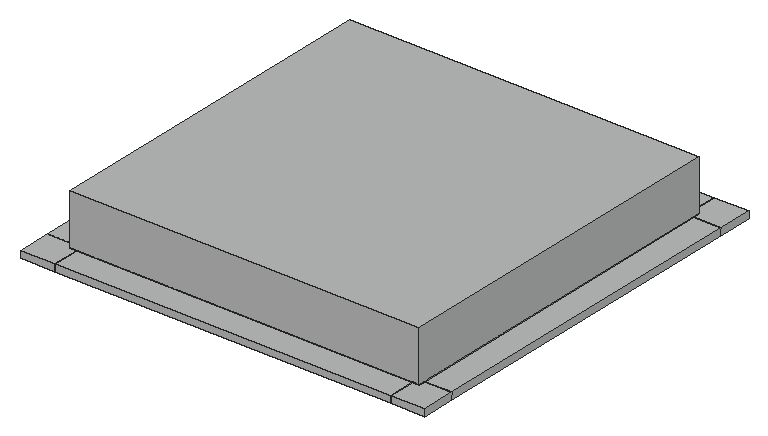
Revit family "ALUMOGIPS", category Осветительные приборы, Revit 2019 (continued)
Types (72, lengths in mm): name | Файл фотометрической сетки | built-in parameter 1150105 | Lumens | built-in parameter 1150106 | built-in parameter 1150142 | Wattage | Emit from Rectangle Width | Emit from Rectangle Length | Длина | Материал светильника | Ширина | ADSK_Ток | ADSK_Полная мощность | ADSK_Обозначение | ADSK_Номинальная мощность | ADSK_Наименование | ADSK_Масса | ADSK_Код изделия
  Alumogips-50/opal-sand 610х610 (IP40, 4000К, белый, грильято) | "Светильник ALUMOGIPS-50 OPAL-SAND-(610x610).IES" | 405.85 (stored number, unit not read) | 5100 lm | 4.0585 (stored number, unit not read) | "IESNA:LM-63-95\r\n[TEST] Протокол № 50-14\r\n[DATA] 15.06.2016\r\n[MORE] \r\n[MANUFAC] ЗАО \"Центрстройсвет\"\r\n[LUMCAT]  Светильник ALUMOGIPS-50/OPAL-SAND-(610x610)\r\n[LUMINAIRE]\r\n[LAMPCAT] Светодиоды\r\n[LAMP] Поток источника света (светодиодов) не известен\r\n[MORE] КСС приведена в абсолютных величинах кд\r\n[MORE] Вместо потока лампы, указан поток светильника.\r\nTILT=NONE\r\n1    5060 1.0 37 73 1 2 0.61 0.61 0.04\r\n1.0 1.0 50.3\r\n0.0 5.0 10.0 15.0 20.0 25.0 30.0 35.0 40.0 45.0 50.0 55.0 60.0 65.0 70.0 75.0 80.0 85.0 90.0 95.0 100.0 105.0 110.0 115.0 120.0 125.0 130.0 135.0 140.0 145.0 150.0 155.0 160.0 165.0 170.0 175.0 180.0\r\n0.0 5.0 10.0 15.0 20.0 25.0 30.0 35.0 40.0 45.0 50.0 55.0 60.0 65.0 70.0 75.0 80.0 85.0 90.0 95.0 100.0 105.0 110.0 115.0 120.0 125.0 130.0 135.0 140.0 145.0 150.0 155.0 160.0 165.0 170.0 175.0 180.0 185.0 190.0 195.0 200.0 205.0 210.0 215.0 220.0 225.0 230.0 235.0 240.0 245.0 250.0 255.0 260.0 265.0 270.0 275.0 280.0 285.0 290.0 295.0 300.0 305.0 310.0 315.0 320.0 325.0 330.0 335.0 340.0 345.0 350.0 355.0 360.0\r\n1887.5 1882.3 1843.4 1792.0 1724.0 1631.5 1531.1 1419.3 1293.7 1161.5 1026.7 886.8 740.0 595.0 455.2 319.9 194.6 81.1 4.9 0.0 0.0 0.0 0.0 0.0 0.0 0.0 0.0 0.0 0.0 0.0 0.0 0.0 0.0 0.0 0.0 0.0 0.0\r\n1887.5 1882.9 1846.0 1797.8 1725.1 1630.8 1538.9 1418.0 1289.1 1162.9 1024.5 883.4 740.5 598.7 455.8 320.4 195.7 82.0 5.0 0.0 0.0 0.0 0.0 0.0 0.0 0.0 0.0 0.0 0.0 0.0 0.0 0.0 0.0 0.0 0.0 0.0 0.0\r\n1887.5 1884.1 1849.8 1793.9 1724.1 1633.5 1538.1 1421.4 1298.2 1165.1 1027.4 885.2 742.6 599.8 457.4 322.3 197.1 83.7 5.4 0.0 0.0 0.0 0.0 0.0 0.0 0.0 0.0 0.0 0.0 0.0 0.0 0.0 0.0 0.0 0.0 0.0 0.0\r\n1887.5 1885.6 1850.0 1796.3 1725.8 1632.2 1533.7 1422.0 1295.8 1167.8 1030.8 886.1 743.6 597.9 459.5 322.2 196.9 83.7 5.4 0.0 0.0 0.0 0.0 0.0 0.0 0.0 0.0 0.0 0.0 0.0 0.0 0.0 0.0 0.0 0.0 0.0 0.0\r\n1887.5 1886.5 1849.9 1795.8 1721.4 1639.6 1534.8 1418.0 1296.4 1168.3 1027.2 886.6 744.0 600.2 457.7 323.1 197.0 84.2 5.3 0.0 0.0 0.0 0.0 0.0 0.0 0.0 0.0 0.0 0.0 0.0 0.0 0.0 0.0 0.0 0.0 0.0 0.0\r\n1887.5 1885.6 1848.0 1795.1 1728.2 1636.1 1537.7 1424.4 1296.7 1163.9 1028.1 885.4 746.1 599.2 456.9 323.0 198.1 84.6 6.1 0.0 0.0 0.0 0.0 0.0 0.0 0.0 0.0 0.0 0.0 0.0 0.0 0.0 0.0 0.0 0.0 0.0 0.0\r\n1887.5 1884.2 1849.8 1792.9 1722.3 1637.3 1537.3 1423.8 1299.0 1162.9 1028.1 889.2 746.4 599.2 458.6 325.2 198.7 85.0 6.5 0.0 0.0 0.0 0.0 0.0 0.0 0.0 0.0 0.0 0.0 0.0 0.0 0.0 0.0 0.0 0.0 0.0 0.0\r\n1887.5 1884.0 1850.9 1800.1 1725.4 1633.0 1534.3 1421.2 1294.0 1160.9 1028.3 886.0 747.4 600.7 459.7 325.6 199.2 86.0 6.2 0.0 0.0 0.0 0.0 0.0 0.0 0.0 0.0 0.0 0.0 0.0 0.0 0.0 0.0 0.0 0.0 0.0 0.0\r\n1887.5 1884.0 1850.4 1799.2 1722.9 1634.9 1528.6 1423.0 1298.2 1162.3 1032.0 888.7 743.9 600.7 461.8 326.2 199.2 86.6 6.1 0.0 0.0 0.0 0.0 0.0 0.0 0.0 0.0 0.0 0.0 0.0 0.0 0.0 0.0 0.0 0.0 0.0 0.0\r\n1887.5 1883.3 1848.8 1801.0 1723.6 1638.0 1538.5 1425.1 1297.5 1166.1 1029.5 886.1 746.3 605.4 461.8 326.3 201.2 87.0 6.2 0.0 0.0 0.0 0.0 0.0 0.0 0.0 0.0 0.0 0.0 0.0 0.0 0.0 0.0 0.0 0.0 0.0 0.0\r\n1887.5 1883.3 1850.6 1797.3 1725.8 1637.1 1533.1 1417.5 1298.3 1167.1 1027.2 888.0 746.2 603.2 463.6 327.0 201.7 88.1 6.5 0.0 0.0 0.0 0.0 0.0 0.0 0.0 0.0 0.0 0.0 0.0 0.0 0.0 0.0 0.0 0.0 0.0 0.0\r\n1887.5 1883.7 1849.0 1797.7 1720.9 1638.5 1535.3 1424.4 1299.6 1168.5 1035.4 889.6 749.8 603.4 465.3 328.4 201.8 88.8 7.0 0.0 0.0 0.0 0.0 0.0 0.0 0.0 0.0 0.0 0.0 0.0 0.0 0.0 0.0 0.0 0.0 0.0 0.0\r\n1887.5 1883.1 1852.7 1797.3 1728.6 1639.3 1538.4 1423.7 1303.2 1168.1 1029.2 892.4 748.1 605.8 464.0 329.6 202.9 89.8 7.0 0.0 0.0 0.0 0.0 0.0 0.0 0.0 0.0 0.0 0.0 0.0 0.0 0.0 0.0 0.0 0.0 0.0 0.0\r\n1887.5 1881.9 1853.7 1798.9 1724.8 1637.5 1543.5 1423.8 1299.9 1170.3 1024.3 891.2 751.8 607.8 466.0 330.6 204.5 90.0 7.3 0.0 0.0 0.0 0.0 0.0 0.0 0.0 0.0 0.0 0.0 0.0 0.0 0.0 0.0 0.0 0.0 0.0 0.0\r\n1887.5 1881.8 1854.7 1797.4 1729.6 1638.4 1538.7 1420.0 1302.3 1168.1 1034.9 892.9 749.2 609.3 467.3 330.5 205.3 90.4 7.7 0.0 0.0 0.0 0.0 0.0 0.0 0.0 0.0 0.0 0.0 0.0 0.0 0.0 0.0 0.0 0.0 0.0 0.0\r\n1887.5 1882.8 1852.5 1798.1 1725.4 1641.5 1535.9 1424.2 1305.0 1168.3 1036.9 895.1 752.7 610.0 468.0 330.8 206.4 91.1 7.9 0.0 0.0 0.0 0.0 0.0 0.0 0.0 0.0 0.0 0.0 0.0 0.0 0.0 0.0 0.0 0.0 0.0 0.0\r\n1887.5 1883.6 1853.4 1797.0 1722.9 1639.1 1537.8 1429.0 1302.2 1172.5 1035.6 896.5 751.3 608.9 469.2 331.4 207.3 92.2 8.2 0.0 0.0 0.0 0.0 0.0 0.0 0.0 0.0 0.0 0.0 0.0 0.0 0.0 0.0 0.0 0.0 0.0 0.0\r\n1887.5 1883.6 1850.7 1797.3 1726.9 1643.9 1542.2 1421.1 1302.3 1173.9 1036.7 893.3 752.7 610.7 470.3 331.8 207.5 92.8 8.4 0.0 0.0 0.0 0.0 0.0 0.0 0.0 0.0 0.0 0.0 0.0 0.0 0.0 0.0 0.0 0.0 0.0 0.0\r\n1887.5 1883.8 1850.5 1796.3 1728.7 1637.1 1539.6 1426.0 1310.2 1175.1 1036.5 895.8 754.0 609.7 469.6 332.7 208.2 93.1 8.5 0.0 0.0 0.0 0.0 0.0 0.0 0.0 0.0 0.0 0.0 0.0 0.0 0.0 0.0 0.0 0.0 0.0 0.0\r\n1887.5 1884.5 1848.7 1798.4 1728.4 1643.0 1541.1 1424.4 1306.1 1175.6 1035.2 895.7 753.2 610.0 470.1 333.6 209.0 93.8 8.7 0.0 0.0 0.0 0.0 0.0 0.0 0.0 0.0 0.0 0.0 0.0 0.0 0.0 0.0 0.0 0.0 0.0 0.0\r\n1887.5 1885.1 1846.5 1798.1 1728.3 1640.7 1538.4 1422.5 1302.2 1173.0 1035.2 900.5 754.9 610.9 470.6 333.2 208.6 94.1 8.3 0.0 0.0 0.0 0.0 0.0 0.0 0.0 0.0 0.0 0.0 0.0 0.0 0.0 0.0 0.0 0.0 0.0 0.0\r\n1887.5 1884.8 1851.0 1798.1 1730.2 1643.2 1541.6 1426.4 1303.3 1176.2 1035.7 896.2 754.5 612.8 472.6 334.1 209.1 94.5 8.3 0.0 0.0 0.0 0.0 0.0 0.0 0.0 0.0 0.0 0.0 0.0 0.0 0.0 0.0 0.0 0.0 0.0 0.0\r\n1887.5 1884.2 1851.7 1798.5 1729.5 1639.1 1536.0 1425.2 1302.7 1175.5 1036.5 898.0 758.2 612.7 468.9 335.3 208.8 94.8 9.1 0.0 0.0 0.0 0.0 0.0 0.0 0.0 0.0 0.0 0.0 0.0 0.0 0.0 0.0 0.0 0.0 0.0 0.0\r\n1887.5 1883.1 1853.9 1797.7 1724.9 1639.7 1541.8 1430.1 1304.9 1168.5 1037.8 897.4 754.1 610.4 472.0 334.6 209.1 95.3 8.8 0.0 0.0 0.0 0.0 0.0 0.0 0.0 0.0 0.0 0.0 0.0 0.0 0.0 0.0 0.0 0.0 0.0 0.0\r\n1887.5 1881.5 1850.2 1795.2 1729.7 1647.3 1540.3 1425.3 1308.1 1174.1 1040.2 896.3 755.4 612.5 470.5 335.6 209.7 95.4 8.7 0.0 0.0 0.0 0.0 0.0 0.0 0.0 0.0 0.0 0.0 0.0 0.0 0.0 0.0 0.0 0.0 0.0 0.0\r\n1887.5 1880.4 1847.4 1795.8 1726.1 1638.7 1541.7 1429.3 1302.6 1175.9 1038.5 897.9 751.3 611.6 471.1 335.6 209.6 95.3 9.2 0.0 0.0 0.0 0.0 0.0 0.0 0.0 0.0 0.0 0.0 0.0 0.0 0.0 0.0 0.0 0.0 0.0 0.0\r\n1887.5 1880.0 1850.3 1797.1 1726.4 1643.3 1536.0 1421.3 1303.6 1171.4 1038.6 895.9 755.7 612.4 470.9 336.2 208.7 95.8 9.1 0.0 0.0 0.0 0.0 0.0 0.0 0.0 0.0 0.0 0.0 0.0 0.0 0.0 0.0 0.0 0.0 0.0 0.0\r\n1887.5 1879.1 1850.7 1799.2 1725.1 1639.6 1536.4 1428.4 1302.2 1172.1 1033.4 895.3 754.1 612.8 470.7 335.5 209.1 96.7 9.0 0.0 0.0 0.0 0.0 0.0 0.0 0.0 0.0 0.0 0.0 0.0 0.0 0.0 0.0 0.0 0.0 0.0 0.0\r\n1887.5 1876.9 1845.6 1794.8 1724.8 1637.8 1537.7 1427.7 1305.4 1174.0 1036.9 896.0 755.2 613.5 471.4 337.3 209.9 96.1 9.4 0.0 0.0 0.0 0.0 0.0 0.0 0.0 0.0 0.0 0.0 0.0 0.0 0.0 0.0 0.0 0.0 0.0 0.0\r\n1887.5 1874.8 1849.0 1796.1 1725.5 1644.7 1539.3 1422.3 1296.7 1172.6 1036.6 895.8 752.9 610.2 470.9 336.1 209.8 95.5 9.5 0.0 0.0 0.0 0.0 0.0 0.0 0.0 0.0 0.0 0.0 0.0 0.0 0.0 0.0 0.0 0.0 0.0 0.0\r\n1887.5 1874.3 1850.7 1796.1 1722.3 1643.7 1535.4 1426.2 1297.3 1169.2 1033.9 896.5 756.1 608.4 469.6 336.8 208.8 95.7 9.0 0.0 0.0 0.0 0.0 0.0 0.0 0.0 0.0 0.0 0.0 0.0 0.0 0.0 0.0 0.0 0.0 0.0 0.0\r\n1887.5 1875.0 1847.6 1795.2 1726.0 1637.4 1538.8 1422.8 1302.3 1167.3 1031.4 892.2 753.9 609.3 470.2 335.4 209.4 95.6 9.2 0.0 0.0 0.0 0.0 0.0 0.0 0.0 0.0 0.0 0.0 0.0 0.0 0.0 0.0 0.0 0.0 0.0 0.0\r\n1887.5 1876.2 1846.7 1797.0 1722.9 1632.1 1531.8 1428.4 1297.9 1173.0 1032.8 893.5 750.3 609.2 468.7 334.5 208.8 95.2 9.5 0.0 0.0 0.0 0.0 0.0 0.0 0.0 0.0 0.0 0.0 0.0 0.0 0.0 0.0 0.0 0.0 0.0 0.0\r\n1887.5 1877.0 1845.0 1799.0 1728.3 1642.0 1532.1 1422.0 1297.5 1176.2 1034.8 896.4 752.7 609.9 470.0 333.7 209.6 95.2 9.1 0.0 0.0 0.0 0.0 0.0 0.0 0.0 0.0 0.0 0.0 0.0 0.0 0.0 0.0 0.0 0.0 0.0 0.0\r\n1887.5 1876.9 1842.6 1790.6 1724.9 1639.4 1536.1 1422.9 1304.1 1169.6 1035.5 895.3 751.4 609.1 469.0 332.6 209.1 95.1 9.2 0.0 0.0 0.0 0.0 0.0 0.0 0.0 0.0 0.0 0.0 0.0 0.0 0.0 0.0 0.0 0.0 0.0 0.0\r\n1887.5 1875.7 1845.4 1794.6 1719.6 1634.8 1535.6 1422.6 1301.8 1167.1 1036.6 892.0 752.3 605.8 469.0 332.7 209.1 93.9 9.3 0.0 0.0 0.0 0.0 0.0 0.0 0.0 0.0 0.0 0.0 0.0 0.0 0.0 0.0 0.0 0.0 0.0 0.0\r\n1887.5 1874.6 1846.6 1791.0 1719.4 1631.6 1534.3 1422.3 1303.5 1171.6 1032.3 893.0 750.0 606.5 467.5 330.0 206.4 92.9 8.4 0.0 0.0 0.0 0.0 0.0 0.0 0.0 0.0 0.0 0.0 0.0 0.0 0.0 0.0 0.0 0.0 0.0 0.0\r\n1887.5 1874.0 1843.1 1789.6 1720.6 1639.4 1534.3 1424.0 1300.8 1168.1 1030.2 892.1 748.2 609.2 467.1 330.4 206.0 92.1 7.9 0.0 0.0 0.0 0.0 0.0 0.0 0.0 0.0 0.0 0.0 0.0 0.0 0.0 0.0 0.0 0.0 0.0 0.0\r\n1887.5 1873.5 1842.4 1792.6 1720.8 1633.5 1535.7 1423.0 1296.8 1165.4 1028.6 890.9 749.2 606.9 466.1 329.8 204.3 90.7 7.8 0.0 0.0 0.0 0.0 0.0 0.0 0.0 0.0 0.0 0.0 0.0 0.0 0.0 0.0 0.0 0.0 0.0 0.0\r\n1887.5 1872.5 1843.5 1792.8 1719.4 1633.2 1530.8 1420.9 1295.9 1169.4 1030.4 892.0 748.4 604.3 464.0 329.4 203.7 91.1 7.3 0.0 0.0 0.0 0.0 0.0 0.0 0.0 0.0 0.0 0.0 0.0 0.0 0.0 0.0 0.0 0.0 0.0 0.0\r\n1887.5 1871.5 1840.6 1788.3 1723.9 1633.4 1533.4 1417.1 1296.6 1165.6 1026.8 888.1 749.6 603.5 465.6 328.3 203.4 90.8 6.9 0.0 0.0 0.0 0.0 0.0 0.0 0.0 0.0 0.0 0.0 0.0 0.0 0.0 0.0 0.0 0.0 0.0 0.0\r\n1887.5 1871.7 1837.5 1793.8 1715.8 1634.9 1538.0 1424.6 1298.1 1167.0 1028.0 888.7 747.9 603.5 465.2 327.9 201.8 90.2 7.0 0.0 0.0 0.0 0.0 0.0 0.0 0.0 0.0 0.0 0.0 0.0 0.0 0.0 0.0 0.0 0.0 0.0 0.0\r\n1887.5 1872.9 1840.2 1791.1 1722.4 1635.7 1532.7 1420.2 1295.0 1159.5 1029.1 888.4 746.9 600.5 462.3 328.7 201.0 90.1 6.9 0.0 0.0 0.0 0.0 0.0 0.0 0.0 0.0 0.0 0.0 0.0 0.0 0.0 0.0 0.0 0.0 0.0 0.0\r\n1887.5 1873.3 1840.5 1789.1 1721.5 1635.7 1530.6 1419.0 1297.0 1164.6 1027.8 889.2 744.1 604.1 463.3 327.1 201.1 89.2 6.4 0.0 0.0 0.0 0.0 0.0 0.0 0.0 0.0 0.0 0.0 0.0 0.0 0.0 0.0 0.0 0.0 0.0 0.0\r\n1887.5 1872.9 1835.7 1788.5 1722.3 1636.7 1534.0 1423.0 1296.7 1161.9 1026.4 886.9 745.3 601.5 461.8 326.2 200.5 88.4 6.3 0.0 0.0 0.0 0.0 0.0 0.0 0.0 0.0 0.0 0.0 0.0 0.0 0.0 0.0 0.0 0.0 0.0 0.0\r\n1887.5 1872.6 1838.3 1791.1 1724.9 1630.4 1531.8 1419.7 1295.3 1168.5 1027.5 880.9 745.5 601.1 461.5 326.5 199.4 87.5 6.3 0.0 0.0 0.0 0.0 0.0 0.0 0.0 0.0 0.0 0.0 0.0 0.0 0.0 0.0 0.0 0.0 0.0 0.0\r\n1887.5 1872.8 1840.3 1789.2 1719.5 1633.6 1532.6 1417.6 1294.5 1165.4 1020.8 885.7 745.3 602.2 460.4 324.3 199.3 87.3 6.1 0.0 0.0 0.0 0.1 0.2 0.0 0.0 0.0 0.0 0.0 0.0 0.0 0.0 0.0 0.0 0.0 0.0 0.0\r\n1887.5 1873.5 1838.6 1790.7 1722.3 1630.8 1530.5 1417.1 1295.0 1167.0 1025.9 884.6 740.9 599.5 459.4 323.2 199.3 86.7 5.7 0.0 0.0 0.0 0.2 0.4 0.0 0.0 0.0 0.0 0.0 0.0 0.0 0.0 0.0 0.0 0.0 0.0 0.0\r\n1887.5 1874.2 1837.3 1789.5 1719.1 1630.4 1533.5 1417.9 1293.0 1161.5 1026.6 886.5 743.5 600.4 460.1 323.6 198.7 86.1 5.9 0.0 0.0 0.0 0.4 0.6 0.0 0.0 0.0 0.0 0.0 0.0 0.0 0.0 0.0 0.0 0.0 0.0 0.0\r\n1887.5 1874.2 1840.2 1789.0 1715.5 1634.9 1530.0 1416.2 1292.8 1158.2 1025.3 884.7 740.5 599.4 458.3 323.4 197.9 85.3 5.9 0.0 0.0 0.0 0.4 0.9 0.0 0.0 0.0 0.0 0.1 0.0 0.0 0.0 0.0 0.0 0.0 0.0 0.0\r\n1887.5 1873.3 1839.1 1789.1 1718.1 1638.7 1537.0 1412.2 1291.9 1164.4 1026.0 883.3 742.8 598.7 456.7 321.5 197.8 84.6 5.7 0.0 0.0 0.0 0.2 0.8 0.0 0.0 0.0 0.0 0.1 0.0 0.0 0.0 0.0 0.0 0.0 0.0 0.0\r\n1887.5 1872.3 1839.4 1787.8 1714.0 1633.5 1527.1 1417.7 1293.5 1164.9 1025.5 883.9 738.3 599.4 457.0 320.6 197.3 83.5 5.9 0.0 0.0 0.0 0.0 0.1 0.2 0.0 0.0 0.0 0.1 0.0 0.0 0.0 0.0 0.0 0.0 0.0 0.0\r\n1887.5 1871.5 1840.6 1789.0 1716.8 1627.7 1530.9 1417.4 1291.4 1158.2 1021.7 888.3 739.3 596.4 457.7 320.6 196.6 83.1 5.8 0.0 0.0 0.0 0.0 0.0 0.0 0.0 0.0 0.0 0.1 0.0 0.0 0.0 0.0 0.0 0.0 0.0 0.0\r\n1887.5 1871.2 1839.5 1788.7 1714.7 1630.8 1533.3 1417.2 1290.6 1154.1 1021.7 884.9 739.3 596.6 457.4 319.4 195.8 83.0 5.3 0.0 0.0 0.0 0.0 0.0 0.0 0.0 0.0 0.0 0.1 0.0 0.0 0.0 0.0 0.0 0.0 0.0 0.0\r\n1887.5 1871.6 1839.7 1787.9 1720.6 1630.8 1533.9 1416.2 1290.9 1158.9 1021.9 880.6 741.2 596.3 457.0 320.0 195.2 82.5 4.7 0.0 0.0 0.0 0.0 0.0 0.0 0.0 0.0 0.0 0.1 0.0 0.0 0.0 0.0 0.0 0.0 0.0 0.0\r\n1887.5 1872.3 1838.1 1789.3 1712.9 1625.9 1525.4 1417.2 1291.8 1157.6 1020.0 883.4 740.0 594.9 454.8 318.6 194.2 81.9 4.7 0.0 0.0 0.0 0.0 0.0 0.0 0.0 0.0 0.0 0.1 0.0 0.0 0.0 0.0 0.0 0.0 0.0 0.0\r\n1887.5 1872.7 1839.6 1789.3 1718.6 1629.9 1525.5 1419.8 1293.5 1154.0 1020.1 878.8 736.9 593.7 456.1 318.4 193.6 81.4 4.3 0.0 0.0 0.0 0.0 0.0 0.0 0.0 0.0 0.0 0.1 0.0 0.0 0.0 0.0 0.0 0.0 0.0 0.0\r\n1887.5 1873.0 1840.9 1790.2 1716.4 1630.3 1526.9 1414.6 1285.9 1157.6 1025.3 882.6 736.3 594.0 453.5 317.4 193.8 80.8 3.8 0.0 0.0 0.0 0.0 0.0 0.0 0.0 0.0 0.0 0.1 0.0 0.0 0.0 0.0 0.0 0.0 0.0 0.0\r\n1887.5 1873.5 1841.2 1787.5 1718.4 1634.0 1528.6 1409.6 1285.8 1155.5 1025.3 876.4 735.1 594.3 453.7 316.4 192.5 80.5 4.0 0.0 0.0 0.0 0.0 0.0 0.0 0.0 0.0 0.0 0.1 0.0 0.0 0.0 0.0 0.0 0.0 0.0 0.0\r\n1887.5 1873.9 1841.6 1790.0 1717.7 1629.1 1528.0 1409.8 1288.0 1151.6 1019.8 875.9 736.5 592.3 451.8 318.0 191.7 80.2 4.0 0.0 0.0 0.0 0.0 0.0 0.0 0.0 0.0 0.0 0.0 0.0 0.0 0.0 0.0 0.0 0.0 0.0 0.0\r\n1887.5 1874.1 1841.0 1789.7 1717.2 1630.1 1529.9 1419.7 1290.4 1156.3 1022.8 880.3 733.7 593.5 452.4 316.0 191.3 79.4 3.9 0.0 0.0 0.0 0.0 0.0 0.0 0.0 0.0 0.0 0.0 0.0 0.0 0.0 0.0 0.0 0.0 0.0 0.0\r\n1887.5 1874.1 1840.2 1785.0 1714.5 1629.4 1527.7 1411.7 1290.1 1153.6 1017.8 879.3 733.8 592.9 451.3 315.7 191.7 79.2 4.4 0.0 0.0 0.0 0.0 0.0 0.0 0.0 0.0 0.0 0.0 0.0 0.0 0.0 0.0 0.0 0.0 0.0 0.0\r\n1887.5 1873.8 1839.2 1790.0 1722.6 1631.3 1526.9 1414.1 1288.6 1158.0 1021.7 880.4 735.8 589.7 453.5 315.5 191.2 78.9 4.5 0.0 0.0 0.0 0.0 0.0 0.0 0.0 0.0 0.0 0.0 0.0 0.0 0.0 0.0 0.0 0.0 0.0 0.0\r\n1887.5 1874.4 1838.4 1789.0 1718.1 1628.9 1522.6 1413.3 1284.8 1161.1 1020.5 878.5 734.8 593.7 450.4 316.4 190.5 79.1 4.3 0.0 0.0 0.0 0.0 0.0 0.0 0.0 0.0 0.0 0.0 0.0 0.0 0.0 0.0 0.0 0.0 0.0 0.0\r\n1887.5 1876.6 1839.3 1788.5 1718.4 1632.2 1524.7 1416.3 1290.0 1154.1 1020.6 876.5 736.6 594.2 448.6 316.5 189.8 78.5 4.1 0.0 0.0 0.0 0.0 0.0 0.0 0.0 0.0 0.0 0.0 0.0 0.0 0.0 0.0 0.0 0.0 0.0 0.0\r\n1887.5 1878.7 1842.1 1786.9 1714.7 1629.1 1527.4 1410.5 1293.4 1160.9 1018.3 878.4 735.0 594.0 451.4 313.5 190.7 78.3 3.7 0.0 0.0 0.0 0.0 0.0 0.0 0.0 0.0 0.0 0.0 0.0 0.0 0.0 0.0 0.0 0.0 0.0 0.0\r\n1887.5 1879.5 1841.9 1788.6 1717.1 1632.6 1529.5 1414.0 1286.1 1155.2 1023.1 878.2 734.9 591.7 452.9 315.4 190.4 78.3 3.4 0.0 0.0 0.0 0.0 0.0 0.0 0.0 0.0 0.0 0.0 0.0 0.0 0.0 0.0 0.0 0.0 0.0 0.0\r\n1887.5 1879.6 1839.7 1792.9 1715.8 1629.7 1529.6 1414.5 1293.2 1154.7 1019.1 880.1 734.7 589.5 450.3 315.4 190.2 78.5 3.7 0.0 0.0 0.0 0.0 0.0 0.0 0.0 0.0 0.0 0.0 0.0 0.0 0.0 0.0 0.0 0.0 0.0 0.0\r\n1887.5 1880.2 1841.8 1793.1 1721.7 1625.7 1529.1 1413.3 1291.5 1156.5 1017.9 882.6 737.0 593.8 452.9 315.8 189.7 78.7 3.6 0.0 0.0 0.0 0.0 0.0 0.0 0.0 0.0 0.0 0.0 0.0 0.0 0.0 0.0 0.0 0.0 0.0 0.0\r\n1887.5 1881.1 1842.4 1785.9 1716.3 1632.5 1528.4 1410.2 1289.5 1156.3 1018.9 875.2 736.4 595.3 452.5 315.3 191.0 79.0 3.5 0.0 0.0 0.0 0.0 0.0 0.0 0.0 0.0 0.0 0.0 0.0 0.0 0.0 0.0 0.0 0.0 0.0 0.0\r\n1887.5 1881.7 1845.0 1794.4 1714.9 1633.8 1528.0 1412.9 1290.1 1152.0 1023.1 875.3 736.1 593.0 453.1 316.0 191.8 79.6 3.9 0.0 0.0 0.0 0.0 0.0 0.0 0.0 0.0 0.0 0.0 0.0 0.0 0.0 0.0 0.0 0.0 0.0 0.0\r\n1887.5 1882.0 1844.3 1789.1 1721.3 1636.2 1528.4 1415.3 1289.9 1160.9 1019.9 882.0 736.6 593.6 453.1 317.2 192.7 80.3 4.5 0.0 0.0 0.0 0.0 0.0 0.0 0.0 0.0 0.0 0.0 0.0 0.0 0.0 0.0 0.0 0.0 0.0 0.0\r\n1887.5 1882.3 1843.4 1792.0 1724.0 1631.5 1531.1 1419.3 1293.7 1161.5 1026.7 886.8 740.0 595.0 455.2 319.9 194.6 81.1 4.9 0.0 0.0 0.0 0.0 0.0 0.0 0.0 0.0 0.0 0.0 0.0 0.0 0.0 0.0 0.0 0.0 0.0 0.0\r\n" | 34.3337 W | 590 | 590 | 610 | RAL 9001 | 610 | 0.236295 A | 54.3478 VA | "Alumogips-50/opal-sand 610х610 (IP40, 4000К, белый, грильято)" | 50 W | "Встраи
    ваемый светодиодный светильник Alumogips-50/opal-sand 610х610 (IP40, 4000К, белый, грильято)" | 2.5 | "ЦБ000007833"
